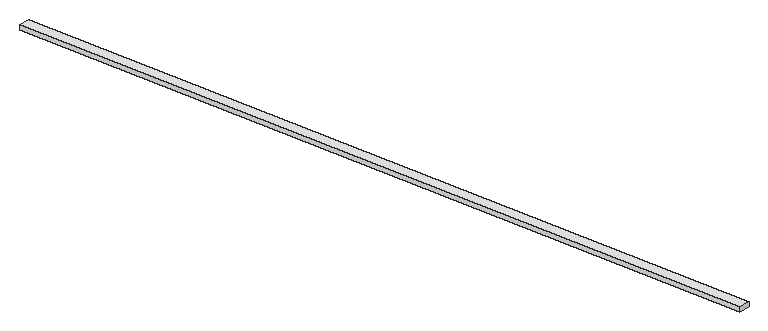
Revit family "Lighting-Linear-Acclaim-Flex One HO Exterior", category Lighting Fixtures, host Face, Revit 2015
Parameters (values of type "Flex One HO Exterior")
  Width = 0' - 0 131/256"
  Voltage = 0 V
  URL = "http://www.acclaimlighting.com/"
  Power Factor = 1
  Number of Poles = 1
  Model = "Flex One HO Exterior"
  Manufacturer = "Acclaim Lighting"
  Length = 3' - 0"
  Lamp = "LED"
  Housing Finish = Aluminum
  Height = 0' - 0 51/256"
  Description = "Linear Graze Lighting"
  Default Elevation = 4' - 0"
  Apparent Load = 0 VA
Reference planes (in)
  plane 1 "Center (Front/Back)": y = 0
  plane 2: z = 0
  plane 3 "Center (Left/Right)": x = 0
  plane 4: x = -18
  plane 5: x = 18
  plane 6: x = -2.86874
  plane 7: x = -2.08749
  plane 8: x = 2.06876
  plane 9: x = 2.85001
  plane 10: z = 0.19922
  plane 11: y = 0.25586
  plane 12: y = -0.25586
Forms (in)
  Extrusion 1, solid, material "Aluminum"
    sketch origin (0, 0, 0) x (1, 0, 0) y (0, 1, 0)
      loop
        line (-18, 0.25586) -> (-18, -0.25586) -> (18, -0.25586) -> (18, 0.25586) -> (-18, 0.25586)
    from 0 to 0.19922
Dimensions and locks (in)
  equal spacing: plane 5, plane 3 "Center (Left/Right)", plane 4
  "Length": plane 5 to plane 4
  equal spacing: plane 11, plane 1 "Center (Front/Back)", plane 12
  "Width": plane 11 to plane 12
  equal spacing: plane 4, plane 3 "Center (Left/Right)", plane 5
  plane 4 to plane 5 = 3' - 0"
  "Height": plane 10 to host face
  aligned and locked: plane 2 to host face
  aligned and locked: level to host face
  aligned and locked: plane 5 to Extrusion 1
  aligned and locked: Extrusion 1 to plane 4
  aligned and locked: plane 10 to Extrusion 1
Automatic sketch dimensions
  host sketch curve to host sketch curve = 8' - 0"  (x2)
  plane 12 to Extrusion 1 sketch curve = 0' - 0"
  plane 11 to Extrusion 1 sketch curve = 0' - 0"
  Extrusion 1 sketch curve to plane 6 = 1' - 3.13126"
  plane 9 to Extrusion 1 sketch curve = 1' - 3.14999"
